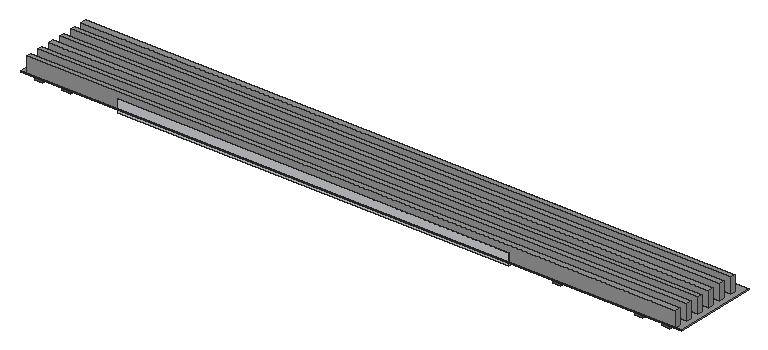
Revit family "1113-6, Veneer", category Generic Models, host Face, Revit 2020
Family settings
  Host = Face
  Can host rebar = No
  Round Connector Dimension = Use Diameter
  Part Type = Normal
  Cut with Voids When Loaded = No
  Shared = No
  Room Calculation Point = No
Parameters
  min_value [instance] = 1' - 11 1/4"  # constant formula
  max_value [instance] = 9' - 11 1/4"  # constant formula
  actual_value [instance] = if(NET LENGTH < min_value, min_value, if(NET LENGTH > max_value, max_value, NET LENGTH))  # 7' - 11 1/4"
  SCRIM MATERIAL [instance] = SCRIM
  SCRIM [instance] = yes
  NET LENGTH [instance] = 7' - 11 1/4"
  Default Elevation = 4' - 0"
  BACKER MATERIAL [instance] = BLACK-BACKERS
  .. MEMBER WIDTH [instance] = 0' - 0 3/4"  # constant formula
  .. MEMBER MATERIAL [instance] = Veneer Cherry
  .. MEMBER LENGTH [instance] = actual_value  # 7' - 11 1/4"
  .. MEMBER DEPTH [instance] = 0' - 2 1/4"  # constant formula
  .. MEMBER COUNT [instance] = 6  # constant formula
  IMPORTANT NOTE!!!                                                                             *Backer layout is for visualization purposes only, final layout to be determined by 9Wood. [instance] = ""
Reference planes (in)
  plane 1 "Center (Front/Back)": y = 0
  plane 2: z = 1.82209
  plane 3 "Center (Left/Right)": x = 0
Forms (in)
  Extrusion 1, solid
    sketch origin (132, -33.80483, 0) x (1, 0, 0) y (0, 1, 0)
      loop
        line (-118.625, 33.80483) -> (-61.26146, 33.80483) -> (-61.26146, 45.86733) -> (-118.625, 45.86733) -> (-118.625, 33.80483)
    from 1.82209 to 0
Dimensions and locks (in)
  aligned and locked: Extrusion 1 to plane 2
  aligned and locked: plane 3 "Center (Left/Right)" to nested 1
Nested families (in)
  nested 1: "1100 SERIES CONFIG" at (0, 2, 0), .. MEMBER DEPTH <- ".. MEMBER DEPTH", .. MEMBER LENGTH <- ".. MEMBER LENGTH", .. MEMBER WIDTH <- ".. MEMBER WIDTH", .. MEMBER MATERIAL <- ".. MEMBER MATERIAL", BACKING M MATERIAL <- "BACKER MATERIAL", SCRIM  MATERIAL <- "SCRIM MATERIAL", .. MEMBER COUNT <- ".. MEMBER COUNT", SCRIM <- "SCRIM", type "1100 SERIES CONFIG"
    with X 7' - 8", SCRIM OVERHANG 2 0' - 0 3/32", SCRIM OVERHANG 0' - 0 7/8", SCRIM LENGTH 8' - 1", SCRIM  MATERIAL SCRIM, SCRIM yes, NOMINAL LENGTH 7, N 8, Inset 6' - 0 3/8", INSET 0' - 1", INDEX 0' - 5 5/8", HALF MEMBER WIDTH 0' - 0 3/8", HALF LENGTH 3' - 11 5/8", END BACKER yes, BACKING M WIDTH 0' - 1 1/4", BACKING M OC SPACING 1' - 0", BACKING M MATERIAL BLACK-BACKERS, BACKING M LENGTH 0' - 11 7/8", BACKING M DEPTH 0' - 0 1/2", BACKING M COUNT 8, 3/16" INSET 0' - 0 3/16", .. MEMBER WIDTH 0' - 0 3/4", .. MEMBER OC SPACING 0' - 2", .. MEMBER MATERIAL Veneer Cherry, .. MEMBER LENGTH 7' - 11 1/4", .. MEMBER DEPTH 0' - 2 1/4", .. MEMBER COUNT 6
Definition of nested family "1100 SERIES CONFIG"
  Parameters (values of type "1100 SERIES CONFIG")
    X [instance] = .. MEMBER LENGTH - 0' 3 1/4"  # 5' - 5"
    SCRIM OVERHANG 2 [instance] = 0' - 0 3/32"  # constant formula
    SCRIM OVERHANG [instance] = 0' - 0 7/8"  # constant formula
    SCRIM LENGTH [instance] = .. MEMBER LENGTH + (SCRIM OVERHANG * 2)  # 5' - 10"
    SCRIM  MATERIAL [instance] = none
    SCRIM [instance] = yes
    NOMINAL LENGTH [instance] = 7
    N [instance] = if((X - (rounddown(X / 1' 0") * 1' 0")) > 1' 0", rounddown(X / 1' 0") + 2, rounddown(X / 1' 0") + 1)  # 6
    Inset [instance] = 6' - 0 3/8"  # constant formula
    INSET [instance] = 0' - 1"  # constant formula
    END BACKER [instance] = INDEX > 0' 3 5/8"  # yes
    INDEX [instance] = (.. MEMBER LENGTH - ((N - 1) * 1' 0")) / 2  # 0' - 4 1/8"
    HALF MEMBER WIDTH [instance] = .. MEMBER WIDTH / 2  # 0' - 0 5/16"
    HALF LENGTH [instance] = .. MEMBER LENGTH / 2  # 2' - 10 1/8"
    Default Elevation = 0' - 0"
    BACKING M WIDTH [instance] = 0' - 1 1/4"
    BACKING M SPACING = 3' - 3"
    BACKING M MATERIAL [instance] = none
    BACKING M LENGTH [instance] = 0' - 11 7/8"
    BACKING M DEPTH [instance] = 0' - 0 1/2"
    BACKING M COUNT [instance] = N  # 6
    BACKING M OC SPACING [instance] = 1' - 0"  # constant formula
    3/16" INSET [instance] = 0' - 0 3/16"  # constant formula
    .. MEMBER WIDTH [instance] = 0' - 0 5/8"
    .. MEMBER OC SPACING [instance] = 1' 0" / .. MEMBER COUNT  # 0' - 4"
    .. MEMBER MATERIAL [instance] = none
    .. MEMBER LENGTH [instance] = 5' - 8 1/4"
    .. MEMBER DEPTH [instance] = 0' - 1 3/8"
    .. MEMBER COUNT [instance] = 3
  Reference planes (in)
    plane 1 "Center (Front/Back)": y = -2
    plane 2: z = 0
    plane 3 "Center (Left/Right)": x = 0
    plane 4: x = 1
    plane 5: x = 4.125
    plane 6: x = 34.125
    plane 7: x = 68.25
    plane 8: x = 67.25
    plane 9: x = 16.125
    plane 10: y = -1.8125
    plane 11: y = -1.6875
    plane 12: y = 2.3125
    plane 13: x = 69.125
    plane 14: x = -0.875
    plane 15: z = 0.5
    plane 16: z = 0.5625
    plane 17: y = 10.0625
    plane 18: y = 10.15625
    plane 19: y = -2.09375
  Dimensions and locks (in)
    "INSET": plane 3 "Center (Left/Right)" to plane 4
    "INDEX": plane 3 "Center (Left/Right)" to plane 5
    "HALF LENGTH": plane 3 "Center (Left/Right)" to plane 6
    ".. MEMBER LENGTH": plane 3 "Center (Left/Right)" to plane 7
    "INSET": plane 8 to plane 7
    equal spacing: group 2, group 3, group 6, group 7, group 8, group 9  (x3)
    "3/16" INSET": plane 1 "Center (Front/Back)" to plane 10
    ".. MEMBER OC SPACING": plane 12 to plane 11
    "SCRIM OVERHANG": plane 14 to plane 3 "Center (Left/Right)"
    "SCRIM OVERHANG": plane 7 to plane 13
    equal spacing: group 1, group 4, group 5  (x2)
    equal spacing: group 5, group 4, group 1
    "HALF MEMBER WIDTH": plane 1 "Center (Front/Back)" to plane 11
    "BACKING M OC SPACING": plane 5 to plane 9
    "SCRIM OVERHANG 2": plane 18 to plane 17
    "SCRIM OVERHANG 2": plane 19 to plane 1 "Center (Front/Back)"
    aligned and locked: level to plane 2
    aligned and locked: plane 6 to nested 1
    aligned and locked: nested 2 to plane 4
    aligned and locked: plane 5 to nested 3
    aligned and locked: plane 1 "Center (Front/Back)" to nested 1
    aligned and locked: nested 2 to plane 10
    aligned and locked: nested 3 to plane 10
    aligned and locked: nested 5 to plane 10
    aligned and locked: nested 4 to plane 10
    aligned and locked: nested 6 to plane 14
    aligned and locked: plane 12 to nested 7
    aligned and locked: nested 7 to plane 3 "Center (Left/Right)"
    aligned and locked: plane 9 to nested 5
    aligned and locked: plane 8 to nested 4
    aligned and locked: plane 15 to nested 2
    aligned and locked: nested 6 to plane 15
    aligned and locked: nested 1 to plane 16
    aligned and locked: nested 7 to plane 16
    aligned and locked: nested 6 to plane 19
  Nested families (in)
    nested 1: "INSTANCE - Parametric Cube" at (34.125, -1.6875, 1.9375), Length <- ".. MEMBER WIDTH", Height <- ".. MEMBER DEPTH", Width <- ".. MEMBER LENGTH", Material <- ".. MEMBER MATERIAL", type "INSTANCE - Parametric Cube"
      with Width 5' - 8 1/4", Material none, Length 0' - 0 5/8", Height 0' - 1 3/8"
    nested 2: "2ND INSTANCE - Parametric Cube" at (1.625, 4.125, 0), Height <- "BACKING M DEPTH", Length <- "BACKING M LENGTH", Width <- "BACKING M WIDTH", Material <- "BACKING M MATERIAL", visible <- "END BACKER", type "2ND INSTANCE - Parametric Cube"
      with Width 0' - 1 1/4", Material none, Length 0' - 11 7/8", Height 0' - 0 1/2"
    nested 3: "2ND INSTANCE - Parametric Cube" at (4.125, 4.125, 0), Length <- "BACKING M LENGTH", Height <- "BACKING M DEPTH", Width <- "BACKING M WIDTH", Material <- "BACKING M MATERIAL", type "2ND INSTANCE - Parametric Cube"
      with Width 0' - 1 1/4", Material none, Length 0' - 11 7/8", Height 0' - 0 1/2"
    nested 4: "2ND INSTANCE - Parametric Cube" at (66.625, 4.125, 0), Width <- "BACKING M WIDTH", Length <- "BACKING M LENGTH", Height <- "BACKING M DEPTH", Material <- "BACKING M MATERIAL", visible <- "END BACKER", type "2ND INSTANCE - Parametric Cube"
      with Width 0' - 1 1/4", Material none, Length 0' - 11 7/8", Height 0' - 0 1/2"
    nested 5: "2ND INSTANCE - Parametric Cube" at (16.125, 4.125, 0), Length <- "BACKING M LENGTH", Height <- "BACKING M DEPTH", Width <- "BACKING M WIDTH", Material <- "BACKING M MATERIAL", type "2ND INSTANCE - Parametric Cube"
      with Width 0' - 1 1/4", Material none, Length 0' - 11 7/8", Height 0' - 0 1/2"
    nested 6: "3RD INSTANCE - Parametric Cube" at (34.125, 4.0445, 0.5), Width <- "SCRIM LENGTH", Material <- "SCRIM  MATERIAL", visible <- "SCRIM", type "3RD INSTANCE - Parametric Cube"
      with Width 5' - 10", Material none, Length 1' - 0.27649", Height 0' - 0 1/16"
    nested 7: "INSTANCE - Parametric Cube" at (34.125, 2.3125, 1.9375), Length <- ".. MEMBER WIDTH", Height <- ".. MEMBER DEPTH", Width <- ".. MEMBER LENGTH", Material <- ".. MEMBER MATERIAL", type "INSTANCE - Parametric Cube"
      with Width 5' - 8 1/4", Material none, Length 0' - 0 5/8", Height 0' - 1 3/8"
    nested 8: "INSTANCE - Parametric Cube" at (34.125, 6.3125, 1.9375), Length <- ".. MEMBER WIDTH", Height <- ".. MEMBER DEPTH", Width <- ".. MEMBER LENGTH", Material <- ".. MEMBER MATERIAL", type "INSTANCE - Parametric Cube"
      with Width 5' - 8 1/4", Material none, Length 0' - 0 5/8", Height 0' - 1 3/8"
    nested 9: "2ND INSTANCE - Parametric Cube" at (28.125, 4.125, 0), Length <- "BACKING M LENGTH", Height <- "BACKING M DEPTH", Width <- "BACKING M WIDTH", Material <- "BACKING M MATERIAL", type "2ND INSTANCE - Parametric Cube"
      with Width 0' - 1 1/4", Material none, Length 0' - 11 7/8", Height 0' - 0 1/2"
    nested 10: "2ND INSTANCE - Parametric Cube" at (40.125, 4.125, 0), Length <- "BACKING M LENGTH", Height <- "BACKING M DEPTH", Width <- "BACKING M WIDTH", Material <- "BACKING M MATERIAL", type "2ND INSTANCE - Parametric Cube"
      with Width 0' - 1 1/4", Material none, Length 0' - 11 7/8", Height 0' - 0 1/2"
    nested 11: "2ND INSTANCE - Parametric Cube" at (52.125, 4.125, 0), Length <- "BACKING M LENGTH", Height <- "BACKING M DEPTH", Width <- "BACKING M WIDTH", Material <- "BACKING M MATERIAL", type "2ND INSTANCE - Parametric Cube"
      with Width 0' - 1 1/4", Material none, Length 0' - 11 7/8", Height 0' - 0 1/2"
    nested 12: "2ND INSTANCE - Parametric Cube" at (64.125, 4.125, 0), Length <- "BACKING M LENGTH", Height <- "BACKING M DEPTH", Width <- "BACKING M WIDTH", Material <- "BACKING M MATERIAL", type "2ND INSTANCE - Parametric Cube"
      with Width 0' - 1 1/4", Material none, Length 0' - 11 7/8", Height 0' - 0 1/2"
  Definition of nested family "INSTANCE - Parametric Cube"
    Parameters (values of type "INSTANCE - Parametric Cube")
      Width [instance] = 0' - 6"
      Material [instance] = none
      Length [instance] = 1' - 0"
      Height [instance] = 1' - 6"
      Default Elevation = 0' - 0"
    Reference planes (in)
      plane 1 "Center (Front/Back)": y = 0
      plane 2: z = 0
      plane 3 "Center (Left/Right)": x = 0
      plane 4: x = -3
      plane 5: x = 3
      plane 6: y = 6
      plane 7: y = -6
      plane 8: z = -18
    Forms (in)
      Extrusion 1, solid, material <- "Material"
        sketch origin (0, 0, 0) x (1, 0, 0) y (0, 1, 0)
          loop
            line (-3, 6) -> (-3, -6) -> (3, -6) -> (3, 6) -> (-3, 6)
        from -18 to 0
    Dimensions and locks (in)
      equal spacing: plane 4, plane 3 "Center (Left/Right)", plane 5
      equal spacing: plane 6, plane 1 "Center (Front/Back)", plane 7
      "Length": plane 6 to plane 7
      "Width": plane 4 to plane 5
      "Height": plane 8 to level
      aligned and locked: plane 2 to level
      aligned and locked: Extrusion 1 sketch curve to plane 6
      aligned and locked: plane 4 to Extrusion 1 sketch curve
      aligned and locked: plane 7 to Extrusion 1 sketch curve
      aligned and locked: Extrusion 1 sketch curve to plane 5
      aligned and locked: Extrusion 1 to plane 8
  Definition of nested family "2ND INSTANCE - Parametric Cube"
    Parameters (values of type "2ND INSTANCE - Parametric Cube")
      Width [instance] = 0' - 6"
      Material [instance] = none
      Length [instance] = 1' - 0"
      Height [instance] = 1' - 6"
      Default Elevation = 0' - 0"
    Reference planes (in)
      plane 1 "Center (Front/Back)": y = 0
      plane 2: z = 0
      plane 3 "Center (Left/Right)": x = 0
      plane 4: x = -3
      plane 5: x = 3
      plane 6: y = 6
      plane 7: y = -6
      plane 8: z = 18
    Forms (in)
      Extrusion 1, solid, material <- "Material"
        sketch origin (0, 0, 0) x (1, 0, 0) y (0, 1, 0)
          loop
            line (-3, 6) -> (-3, -6) -> (3, -6) -> (3, 6) -> (-3, 6)
        from 0 to 18
    Dimensions and locks (in)
      equal spacing: plane 4, plane 3 "Center (Left/Right)", plane 5
      equal spacing: plane 6, plane 1 "Center (Front/Back)", plane 7
      "Length": plane 6 to plane 7
      "Width": plane 4 to plane 5
      "Height": level to plane 8
      aligned and locked: plane 2 to level
      aligned and locked: Extrusion 1 sketch curve to plane 6
      aligned and locked: plane 4 to Extrusion 1 sketch curve
      aligned and locked: plane 7 to Extrusion 1 sketch curve
      aligned and locked: Extrusion 1 sketch curve to plane 5
      aligned and locked: plane 8 to Extrusion 1
      aligned and locked: Extrusion 1 to level
  Definition of nested family "3RD INSTANCE - Parametric Cube"
    Parameters (values of type "3RD INSTANCE - Parametric Cube")
      Width [instance] = 0' - 6"
      Material [instance] = none
      Length [instance] = 1' - 0"
      Height [instance] = 1' - 6"
      Default Elevation = 0' - 0"
    Reference planes (in)
      plane 1 "Center (Front/Back)": y = 0
      plane 2: z = 0
      plane 3 "Center (Left/Right)": x = 0
      plane 4: x = -3
      plane 5: x = 3
      plane 6: y = 6
      plane 7: y = -6
      plane 8: z = 18
    Forms (in)
      Extrusion 1, solid, material <- "Material"
        sketch origin (0, 0, 0) x (1, 0, 0) y (0, 1, 0)
          loop
            line (-3, 6) -> (-3, -6) -> (3, -6) -> (3, 6) -> (-3, 6)
        from 0 to 18
    Dimensions and locks (in)
      equal spacing: plane 4, plane 3 "Center (Left/Right)", plane 5
      equal spacing: plane 6, plane 1 "Center (Front/Back)", plane 7
      "Length": plane 6 to plane 7
      "Width": plane 4 to plane 5
      "Height": level to plane 8
      aligned and locked: plane 2 to level
      aligned and locked: Extrusion 1 sketch curve to plane 6
      aligned and locked: plane 4 to Extrusion 1 sketch curve
      aligned and locked: plane 7 to Extrusion 1 sketch curve
      aligned and locked: Extrusion 1 sketch curve to plane 5
      aligned and locked: plane 8 to Extrusion 1
      aligned and locked: Extrusion 1 to level
